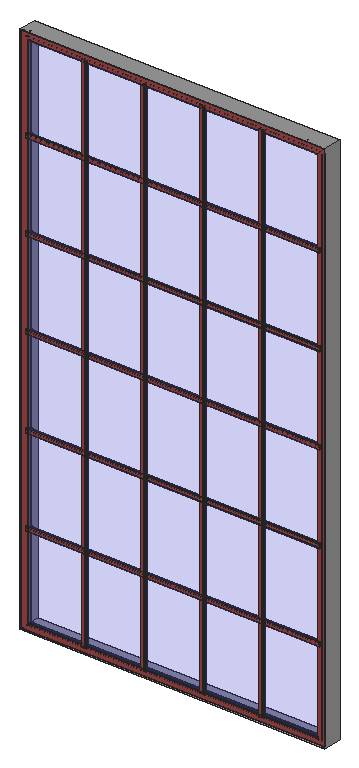
Revit family "SSF type 1,2,3,5 and 6", category Windows, host Wall, Revit 2016 (continued)
Types (31, lengths in mm): name | Vert bar 4 | Vert bar 3 | Vert bar 2 | Vert bar 1 | Vert GB 4 | Vert GB 2 | Vert GB 1 | Vert GB 3 | URL | Model | Height | Glazing bar 5 | Glazing bar 4 | Glazing bar 3 | Glazing bar 2 | Glazing bar 1 | Glazing 9 | Glazing 8 | Glazing 7 | Glazing 6 | Glazing 5 | Glazing 4 | Glazing 30 | Glazing 29 | Glazing 28 | Glazing 27 | Glazing 26 | Glazing 25 | Glazing 24 | Glazing 23 | Glazing 22 | Glazing 21 | Glazing 20 | Glazing 2 | Glazing 18 | Glazing 17 | Glazing 16 | Glazing 15 | Glazing 14 | Glazing 13 | Glazing 12 | Glazing 11 | Glazing 10 | Glazing 1 | Glazing 19 | GB RT | GB LT | GB 6 | GB 5 | GB 1 | Description | Width
  SS type- SSF45 | 623.598 | 311.80 | 0.00 | 311.80 | no | yes | yes | yes | "www.robmeg.co.za" | "SSF45" | 2375.00 | no | yes | yes | yes | yes | yes | yes | yes | no | yes | yes | no | no | no | no | no | yes | yes | yes | yes | no | yes | yes | yes | yes | no | yes | yes | yes | yes | no | yes | no | yes | 623.598 | 780.598 | 2790.196 | 2323.196 | 456.196 | "Industrial steel window" | 1299.00
  SS type- SSF44 | 623.598 | 311.80 | 0.00 | 311.80 | no | yes | yes | yes | 0.00 | 0.00 | 1908.00 | no | no | yes | yes | yes | yes | yes | yes | no | yes | yes | no | no | no | no | no | no | no | no | no | no | yes | yes | yes | yes | no | yes | yes | yes | yes | no | yes | no | yes | 623.598 | 780.598 | 2790.196 | 2323.196 | 456.196 | 0.00 | 1299.00
  SS type- SSF43 | 623.598 | 311.80 | 0.00 | 311.80 | no | yes | yes | yes | "www.robmeg.co.za" | "SSF43" | 1442.00 | no | no | no | yes | yes | yes | yes | yes | no | yes | yes | no | no | no | no | no | no | no | no | no | no | no | yes | yes | no | no | yes | yes | yes | yes | no | yes | no | no | 623.598 | 780.598 | 2790.196 | 2323.196 | 456.196 | "Industrial steel window" | 1299.00
  SS type- SSF42 | 623.598 | 311.80 | 0.00 | 311.80 | no | yes | yes | yes | "www.robmeg.co.za" | "SSF42" | 975.00 | no | no | no | no | yes | yes | yes | yes | no | yes | yes | no | no | no | no | no | no | no | no | no | no | no | yes | no | no | no | no | no | yes | no | no | yes | no | no | 623.598 | 780.598 | 2790.196 | 2323.196 | 456.196 | "Industrial steel window" | 1299.00
  SS type- SSF41 | 623.598 | 311.80 | 0.00 | 311.80 | no | yes | yes | yes | "www.robmeg.co.za" | "SSF41" | 508.00 | no | no | no | no | no | no | no | no | no | yes | yes | no | no | no | no | no | no | no | no | no | no | no | yes | no | no | no | no | no | no | no | no | no | no | no | 623.598 | 780.598 | 2790.196 | 2323.196 | 456.196 | "Industrial steel window" | 1299.00
  SS type- SSF35 | 468.359 | 156.12 | 156.12 | 468.359 | no | yes | no | yes | "www.robmeg.co.za" | "SSF35" | 2375.00 | no | yes | yes | yes | yes | yes | yes | yes | no | no | yes | no | no | no | no | no | no | yes | yes | yes | no | no | yes | yes | yes | no | no | yes | yes | yes | no | no | no | yes | 699.598 | 580.598 | 2789.196 | 2322.196 | 456.196 | "Industrial steel windows" | 984.00
  SS type- SSF34 | 468.359 | 156.12 | 156.12 | 468.359 | no | yes | no | yes | "www.robmeg.co.za" | "SSF34" | 1908.00 | no | no | yes | yes | yes | yes | yes | yes | no | no | yes | no | no | no | no | no | no | no | no | no | no | no | yes | yes | yes | no | no | yes | yes | yes | no | no | no | yes | 699.598 | 580.598 | 2789.196 | 2322.196 | 456.196 | "Industrial steel windows" | 984.00
  SS type- SSF33 | 468.359 | 156.12 | 156.12 | 468.359 | no | yes | no | yes | "www.robmeg.co.za" | "SSF33" | 1442.00 | no | no | no | yes | yes | yes | yes | yes | no | no | yes | no | no | no | no | no | no | no | no | no | no | no | yes | no | no | no | no | yes | yes | yes | no | no | no | no | 699.598 | 580.598 | 2789.196 | 2322.196 | 456.196 | "Industrial steel windows" | 984.00
  SS type- SSF32 | 468.359 | 156.12 | 156.12 | 468.359 | no | yes | no | yes | "www.robmeg.co.za" | "SSF32" | 975.00 | no | no | no | no | yes | yes | yes | yes | no | no | yes | no | no | no | no | no | no | no | no | no | no | no | yes | no | no | no | no | no | yes | no | no | no | no | no | 699.598 | 580.598 | 2789.196 | 2322.196 | 456.196 | "Industrial steel windows" | 984.00
  SS type- SSF31 | 468.359 | 156.12 | 156.12 | 468.359 | no | yes | no | yes | "www.robmeg.co.za" | "SSF31" | 508.00 | no | no | no | no | no | no | no | no | no | no | yes | no | no | no | no | no | no | no | no | no | no | no | yes | no | no | no | no | no | no | no | no | no | no | no | 699.598 | 580.598 | 2789.196 | 2322.196 | 456.196 | "Industrial steel windows" | 984.00
  SS type- SSF26 | 468.359 | 0.00 | 466.098 | 623.598 | no | no | no | yes | "www.robmeg.co.za" | "SSF26" | 2842.00 | yes | yes | yes | yes | yes | no | yes | yes | no | no | no | no | no | yes | yes | no | no | no | yes | yes | no | no | yes | yes | yes | no | no | no | yes | yes | no | no | no | no | 699.598 | 580.598 | 2789.196 | 2322.196 | 456.196 | "Industrial steel windows" | 984.00
  SS type- SSF25 | 468.359 | 0.00 | 466.098 | 623.598 | no | no | no | yes | "www.robmeg.co.za" | "SSF25" | 2375.00 | no | yes | yes | yes | yes | no | yes | yes | no | no | no | no | no | no | no | no | no | no | yes | yes | no | no | yes | yes | yes | no | no | no | yes | yes | no | no | no | no | 699.598 | 580.598 | 2789.196 | 2322.196 | 456.196 | "Indsutrial steel windows" | 984.00
  SS type- SSF24 | 468.359 | 0.00 | 466.098 | 623.598 | no | no | no | yes | "www.robmeg.co.za" | "SSF24" | 1908.00 | no | no | yes | yes | yes | no | yes | yes | no | no | no | no | no | no | no | no | no | no | no | no | no | no | yes | yes | yes | no | no | no | yes | yes | no | no | no | no | 699.598 | 580.598 | 2789.196 | 2322.196 | 456.196 | "Industrial steel windows" | 984.00
  SS type- SSF23 | 468.359 | 0.00 | 466.098 | 623.598 | no | no | no | yes | "www.robmeg.co.za" | "SSF23" | 1442.00 | no | no | no | yes | yes | no | yes | yes | no | no | no | no | no | no | no | no | no | no | no | no | no | no | yes | no | no | no | no | no | yes | yes | no | no | no | no | 699.598 | 580.598 | 2789.196 | 2322.196 | 456.196 | "Industrial steel windows" | 984.00
  SS type- SSF22 | 468.359 | 0.00 | 466.098 | 623.598 | no | no | no | yes | "www.robmeg.co.za" | "SSF22" | 975.00 | no | no | no | no | yes | no | yes | yes | no | no | no | no | no | no | no | no | no | no | no | no | no | no | yes | no | no | no | no | no | no | no | no | no | no | no | 699.598 | 580.598 | 2789.196 | 2322.196 | 456.196 | "Industrial steel windows" | 984.00
  SS type- SSF21 | 468.359 | 0.00 | 466.098 | 623.598 | no | no | no | yes | "www.robmeg.co.za" | "SSF21" | 508.00 | no | no | no | no | no | no | no | no | no | no | no | no | no | no | no | no | no | no | no | no | no | no | yes | no | no | no | no | no | no | no | no | no | no | no | 699.598 | 580.598 | 2789.196 | 2322.196 | 456.196 | "Industrial steel windows" | 984.00
  SS type- SSF16 | 468.359 | 152.098 | 152.098 | 623.598 | no | no | no | no | "www.robmeg.co.za" | "SSF16" | 2842.00 | yes | yes | yes | yes | yes | no | yes | no | no | no | no | no | no | yes | no | no | no | no | yes | no | no | no | no | yes | no | no | no | no | yes | no | no | no | no | no | 699.598 | 580.598 | 2789.196 | 2322.196 | 456.196 | "Industrial steel windows" | 356.00
  SS type- SSF15 | 468.359 | 152.098 | 152.098 | 623.598 | no | no | no | no | "www.robmeg.co.za" | "SSF15" | 2375.00 | no | yes | yes | yes | yes | no | yes | no | no | no | no | no | no | no | no | no | no | no | yes | no | no | no | no | yes | no | no | no | no | yes | no | no | no | no | no | 699.598 | 580.598 | 2789.196 | 2322.196 | 456.196 | "Industrial steel windows" | 356.00
  SS type- SSF14 | 468.359 | 152.098 | 152.098 | 623.598 | no | no | no | no | "www.robmeg.co.za" | "SSF14" | 1908.00 | no | no | yes | yes | yes | no | yes | no | no | no | no | no | no | no | no | no | no | no | no | no | no | no | no | yes | no | no | no | no | yes | no | no | no | no | no | 699.598 | 580.598 | 2789.196 | 2322.196 | 456.196 | "Industrial steel windows" | 356.00
  SS type- SSF13 | 468.359 | 152.098 | 152.098 | 623.598 | no | no | no | no | "www.robmeg.co.za" | "SSF13" | 1908.00 | no | no | no | yes | yes | no | yes | no | no | no | no | no | no | no | no | no | no | no | no | no | no | no | no | no | no | no | no | no | yes | no | no | no | no | no | 699.598 | 580.598 | 2789.196 | 2322.196 | 456.196 | "Industrial steel windows" | 356.00
  SS type- SSF12 | 468.359 | 152.098 | 152.098 | 623.598 | no | no | no | no | "www.robmeg.co.za" | "SSF12" | 975.00 | no | no | no | no | yes | no | yes | no | no | no | no | no | no | no | no | no | no | no | no | no | no | no | no | no | no | no | no | no | no | no | no | no | no | no | 699.598 | 580.598 | 2789.196 | 2322.196 | 456.196 | "Industrial steel windows" | 356.00
  SS type- SSF11 | 468.359 | 152.098 | 152.098 | 623.598 | no | no | no | no | "www.robmeg.co.za" | "SSF11" | 508.00 | no | no | no | no | no | no | no | no | no | no | no | no | no | no | no | no | no | no | no | no | no | no | no | no | no | no | no | no | no | no | no | no | no | no | 699.598 | 580.598 | 2789.196 | 2322.196 | 456.196 | "Industrial steel windows" | 356.00
